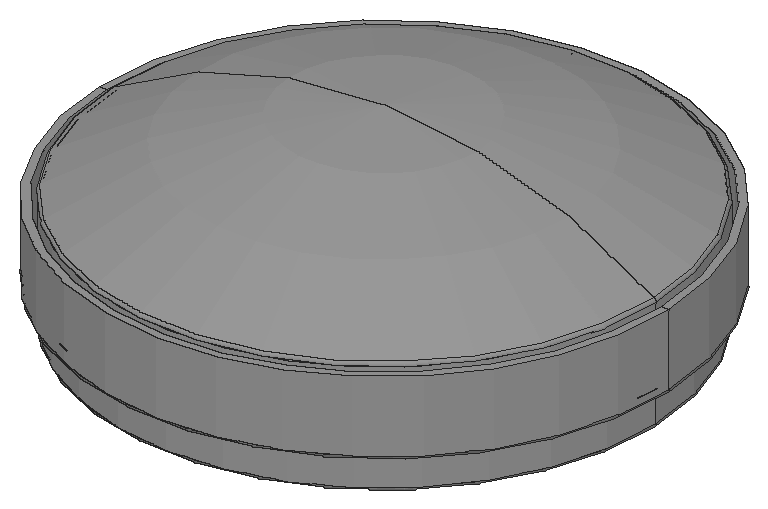
Revit family "3034783 Sylvania Lighting Fixture GIOTTO305 LED G2 3000K RECESSED EMERGENCY", category Lighting Fixtures, host Face, Revit 2016
Family settings
  Host = Face
  Part Type = Normal
  Round Connector Dimension = Use Diameter
  OmniClass Number = 23.80.70.00
  OmniClass Title = Lighting
  Cut with Voids When Loaded = No
  Light Source = Yes
  Shared = No
  Room Calculation Point = No
Parameters (values of type "3034783 GIOTTO305 LED G2 3000K RECESSED EMERGENCY Emergency mode")
  Weight = "1.41 kg"
  Wattage Comments = ""
  Wattage = 20 W
  WarrantyStartDate [instance] = "n/a"
  WarrantyGuarantorParts = "n/a"
  WarrantyDurationUnit = "n/a"
  WarrantyDurationParts = "n/a"
  WarrantyDescription = "n/a"
  built-in parameter 1150110 = 1 (stored number, unit not read)
  Voltage = 0 V
  URL = "http://www.sylvania-lighting.com"
  TypeName = "GIOTTO305 LED G2 3000K RECESSED EMERGENCY Emergency mode"
  Type Image = <None>
  Type Comments = "n/a"
  built-in parameter 1114217 = 1 (stored number, unit not read)
  Tilt Angle = -90.00°
  built-in parameter 1150109 = 1 (stored number, unit not read)
  built-in parameter 1150134 = (empty or 0)
  built-in parameter 1150113 = 1 (stored number, unit not read)
  SerialNumber [instance] = "n/a"
  Photometric Web File = "3034783EM.ies"
  Material_3_SYL = LED-Sylvania
  PowerFactor = 0
  PowerConsumption = "20 W"
  NominalLength = 305 mm
  NominalHeight = 104 mm
  NominalDepth = 305 mm
  Name = "GIOTTO305 LED G2 3000K RECESSED EMERGENCY Emergency mode"
  ModelReference = Name  # "GIOTTO305 LED G2 3000K RECESSED EMERGENCY Emergency mode"
  ModelNumber = "3034783"
  Model = Name  # "GIOTTO305 LED G2 3000K RECESSED EMERGENCY Emergency mode"
  Material = "polycarbonate housing, polycarbonate diffuser"
  ManufacturerName = "Feilo Sylvania"
  Manufacturer = "Feilo Sylvania"
  LuminousEfficacy = "5.1 lm/W"
  built-in parameter 1150105 = 8.1169 (stored number, unit not read)
  Lumens = 102 lm
  LuminaireType = ""
  built-in parameter 1150115 = 1 (stored number, unit not read)
  LightOutputRatio = "n/a"
  built-in parameter 1150137 = (empty or 0)
  built-in parameter 1150139 = (empty or 0)
  LampsType = Lamp  # "LED"
  LampNominalLuminous = "102 lm"
  LampMacAdamStep = "n/a"
  LampColourTemperature = "3000 K"
  LampColourRenderingIndex = "80"
  built-in parameter 1150112 = 1 (stored number, unit not read)
  built-in parameter 1150114 = 1 (stored number, unit not read)
  Lamp = "LED"
  Keynote = "16500"
  InstallationDate [instance] = "n/a"
  InputVoltage = "n/a"
  InputNominalFrequency = "n/a"
  built-in parameter 1150132 = (empty or 0)
  built-in parameter 1150102 = (empty or 0)
  built-in parameter 1150107 = 3000 (stored number, unit not read)
  built-in parameter 1150138 = (empty or 0)
  IngressProtection = "IP44"
  ImpactProtectionIndex = "IK10"
  built-in parameter 1150106 = 0.081169 (stored number, unit not read)
  IfcExportType = "IfcLightFixtureType"
  IfcExportAs = "IfcLightFixtureType"
  Height_SYL = 104 mm
  ExpectedLife = 50000
  Emit from Circle Diameter = 317 mm
  Emit Shape Visible in Rendering = no
  ElectricShockClassification = "Class I"
  built-in parameter 1150104 = 0.47381 (stored number, unit not read)
  DurationUnit = "hours"
  DocumentationLiterature = "http://www.sylvania-lighting.com/product/en-int/products/3034783"
  DimmingControlOptions = "n/a"
  Material_2_SYL = Polycarbonate_Sylvania_Giotto_Opal
  Dimming Lamp Color Temperature Shift = <None>
  DiffuserRadius_SYL = 282.611 mm
  Diameter_SYL = 305 mm
  Description = "Ambient and decorative round, recessed mounted LED bulkhead luminaire. White robust polycarbonate body with opal diffuser, 1490 lm, 20W, 75lm/W, 3000K, CRI 80, non-dimmable, integral 3 hour maintained emergency, 50,000 hours lumen maintenance. Drive current: 700mA, IP44, IK10, Class I, 220-240V, Energy class: A++, A+, A."
  Default Elevation = 1219.2 mm
  CreatedOn = "11/7/2018"
  CreatedBy = "@sylvania-lighting.com"
  Cost = 0
  Color Filter = 16777215
  built-in parameter 1114216 [instance] = (empty or 0)
  ClassificationValue = "EF_70_80"
  ClassificationName = "Uniclass2015"
  Material_1_SYL = Polycarbonate_Sylvania_Giotto_White
  BarCode [instance] = "n/a"
  built-in parameter 1114218 = 1 (stored number, unit not read)
  built-in parameter 1150133 = 10 (stored number, unit not read)
  AssetType = "Fixed"
  AssetIdentifier [instance] = "n/a"
  Assembly Code = "D5020200"
  Apparent Load = 20 VA
  Material_4_SYL = none
Types (2, lengths in mm): name | TypeName | Photometric Web File | Name | ModelReference | Model | LuminousEfficacy | built-in parameter 1150105 | Lumens | LampNominalLuminous | built-in parameter 1150106 | built-in parameter 1150104
  3034783 GIOTTO305 LED G2 3000K RECESSED EMERGENCY Emergency mode | "GIOTTO305 LED G2 3000K RECESSED EMERGENCY Emergency mode" | "3034783EM.ies" | "GIOTTO305 LED G2 3000K RECESSED EMERGENCY Emergency mode" | "GIOTTO305 LED G2 3000K RECESSED EMERGENCY Emergency mode" | "GIOTTO305 LED G2 3000K RECESSED EMERGENCY Emergency mode" | "5.1 lm/W" | 8.1169 (stored number, unit not read) | 102 lm | "102 lm" | 0.081169 (stored number, unit not read) | 0.47381 (stored number, unit not read)
  3034783 GIOTTO305 LED G2 3000K RECESSED EMERGENCY | "GIOTTO305 LED G2 3000K RECESSED EMERGENCY" | "3034783.ies" | "GIOTTO305 LED G2 3000K RECESSED EMERGENCY" | "GIOTTO305 LED G2 3000K RECESSED EMERGENCY" | "GIOTTO305 LED G2 3000K RECESSED EMERGENCY" | "75 lm/W" | 119.37 (stored number, unit not read) | 1500 lm | "1490 lm" | 1.1937 (stored number, unit not read) | 6.9677 (stored number, unit not read)
Reference planes
  plane 1 "Center (Front/Back)": y = 0
  plane 2: z = 0
  plane 3 "Center (Left/Right)": x = 0
  plane 4: x = 152.5
  plane 5: x = -152.5
  plane 6: x = -145.5
  plane 7: x = -148.5
  plane 8: z = 104
  plane 9: z = 59
  plane 10: z = 19
  plane 11: z = 24
  plane 12: x = -150.9
  plane 13: z = 20.6
  plane 14: z = 1.6
  plane 15: x = -143.9
  plane 16: z = 18
  plane 17: x = -146.5
  plane 18: z = 25
  plane 19: z = 61
Forms (mm)
  Revolve 1, solid, material "Polycarbonate_Sylvania_Giotto_White" <- "Material_1_SYL"
    sketch origin (0, 0, 0) x (1, 0, 0) y (0, 0, 1)
      loop
        line (0, 0) -> (0, 25) -> (-143.9, 25) -> (-143.9, 24) -> (-148.5, 24) -> (-148.5, 59) -> (-152.5, 59) -> (-152.5, 20.6)
        arc (-152.5, 20.6) -> (-152.031, 19.469) -> (-150.9, 19) r 1.6
        line (-150.9, 19) -> (-146.5, 19)
        arc (-146.5, 19) -> (-145.793, 18.707) -> (-145.5, 18) r 1
        line (-145.5, 18) -> (-145.5, 1.6)
        arc (-145.5, 1.6) -> (-145.031, 0.469) -> (-143.9, 0) r 1.6
        line (-143.9, 0) -> (0, 0)
      axis (0, 59) -> (0, 0)
    angle from 360 to 0
  Revolve 2, solid, material "Polycarbonate_Sylvania_Giotto_Opal" <- "Material_2_SYL"
    sketch origin (0, 0, 0) x (1, 0, 0) y (0, 0, 1)
      loop
        line (-145.5, 24) -> (-143.9, 24) -> (-143.9, 59.636)
        arc (-143.9, 59.636) -> (-143.79, 60.068) -> (-143.485, 60.394) r 0.9
        arc (-143.485, 60.394) -> (-74.754, 91.683) -> (0, 102.4) r 266.066
        line (0, 102.4) -> (0, 104)
        arc (0, 104) -> (-75.203, 93.218) -> (-144.348, 61.742) r 267.666
        arc (-144.348, 61.742) -> (-145.193, 60.836) -> (-145.5, 59.636) r 2.5
        line (-145.5, 59.636) -> (-145.5, 24)
      axis (0, 104) -> (0, 24)
    angle from 360 to 0
Dimensions and locks
  equal spacing: plane 4, plane 3 "Center (Left/Right)", plane 5
  "Diameter_SYL": plane 4 to plane 5
  locked: plane 6 to plane 5 at 7
  locked: plane 7 to plane 5 at 4
  "Height_SYL": plane 8 to plane 2
  locked: plane 8 to plane 9 at 45
  locked: plane 9 to plane 10 at 40
  Revolve 1 sketch curve to Revolve 1 sketch curve = 4.4 mm
  locked: plane 11 to plane 10 at 5
  locked: plane 12 to plane 5 at 1.6
  locked: plane 13 to plane 10 at 1.6
  locked: plane 14 to plane 2 at 1.6
  locked: plane 15 to plane 6 at 1.6
  locked: plane 6 to plane 17 at 1
  locked: plane 10 to plane 16 at 1
  locked: plane 18 to plane 11 at 1
  locked: plane 19 to plane 9 at 2
  aligned and locked: plane 2 to host face
  aligned and locked: level to host face
  aligned and locked: Revolve 1 sketch curve to plane 3 "Center (Left/Right)"
  aligned and locked: level to Revolve 1 sketch curve
  aligned and locked: Revolve 1 sketch curve to plane 10
  aligned and locked: plane 9 to Revolve 1 sketch curve
  aligned and locked: Revolve 1 sketch curve to plane 7
  aligned and locked: plane 12 to Revolve 1 sketch curve  (x2)
  aligned and locked: plane 13 to Revolve 1 sketch curve  (x2)
  aligned and locked: plane 15 to Revolve 1 sketch curve  (x3)
  aligned and locked: plane 14 to Revolve 1 sketch curve  (x2)
  aligned and locked: plane 3 "Center (Left/Right)" to imposter light
  aligned and locked: imposter light to plane 1 "Center (Front/Back)"
  aligned and locked: plane 18 to Revolve 1 sketch curve
  aligned and locked: plane 11 to Revolve 1 sketch curve
  aligned and locked: imposter light to plane 8
  aligned and locked: plane 6 to Revolve 1 sketch curve
  aligned and locked: plane 17 to Revolve 1 sketch curve
  aligned and locked: plane 16 to Revolve 1 sketch curve
  aligned and locked: Revolve 2 sketch curve to plane 3 "Center (Left/Right)"
  aligned and locked: plane 6 to Revolve 2 sketch curve
  aligned and locked: plane 3 "Center (Left/Right)" to Revolve 2 sketch curve
  aligned and locked: plane 11 to Revolve 2 sketch curve
  aligned and locked: Revolve 2 sketch curve to imposter light
Automatic sketch dimensions
  host sketch curve to host sketch curve = 2438.4 mm  (x2)
  Revolve 1 sketch curve to plane 3 "Center (Left/Right)" = 0 mm
  Revolve 1 sketch curve to level = 609.6 mm
  Revolve 1 sketch curve to plane 8 = 2499.058 mm
  Revolve 2 sketch curve to Revolve 2 sketch curve = 0 mm  (x4)
  Revolve 2 sketch curve to plane 15 = 0 mm
  Revolve 2 sketch curve to plane 8 = 0 mm
  plane 15 to Revolve 2 sketch curve = 0.9 mm
  Revolve 2 sketch curve to level = 163.666 mm
  Revolve 2 sketch curve to plane 9 = 0.636 mm
  Revolve 2 sketch curve to Revolve 2 sketch curve = 445.934 mm
  Revolve 2 sketch curve to plane 8 = 2505.058 mm
Connectors
  electrical at (0, 0, 0), driven by "Apparent Load", driven by "PowerFactor", driven by "Voltage"
    settings: index 1, voltage 0 V, apparent load 20 VA, apparent load phase1 0 VA, apparent load phase2 0 VA, apparent load phase3 0 VA, power factor 0, load classification "Lighting", number of poles 1, system type 30, power factor state 1, is connector primary yes, connector utility no, sub classification motor no, connector description ""
